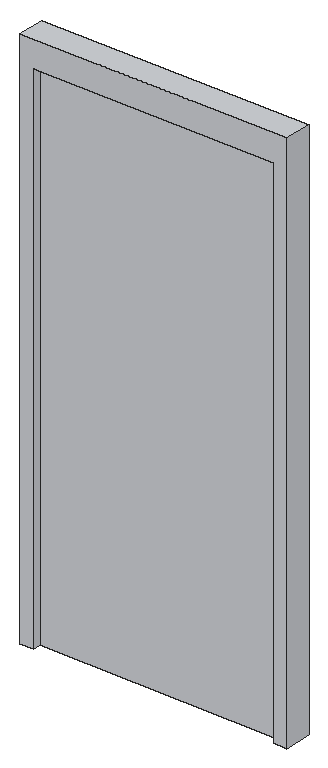
Revit family "Door", category Doors, host Wall, Revit 2025
Family settings
  Host = Wall
  OmniClass Number = 23.30.10.00
  OmniClass Title = Doors
  Always vertical = Yes
  Cut with Voids When Loaded = No
  Shared = No
  Room Calculation Point = No
Parameters (values of type "9")
  Thickness = 0' - 1 3/4"
  S_Door A = 75.00°
  Door Thickness = 0' - 1 3/4"
  S_Door Margin = 0' - 3 3/4"
  S_Door Inner Thickness = 0' - 3"
  S_Door G = 0' - 1.22013"
  Function = Interior
  Freezer = yes
  Frame Width Upper = 0' - 4"
  Frame Thickness = 0' - 4"
  Frame Width = 0' - 2"
  Height = Door Height + Frame Width Upper  # 6' - 10"
  Wall Closure = By host
  Width = Door Width + (2 * Frame Width)  # 3' - 4"
  Frame Head Depth = 0' - 5"
  Frame Depth Vert 1 = 0' - 1"
  Frame Depth Vert 2 = 0' - 0.01"
  Frame Depth Hori 2 = 0' - 5.01"
  Frame Depth Hori 1 = 0' - 3 3/4"
  S_Door Swing Length = 3' - 2"
  Door Width = 3' - 0"
  Door Height = 6' - 6"
  Define Thermal Properties by = Schematic Type
  Analytic Construction = "<None>"
Types (2): name | S_Door A | S_Door Margin | Freezer | Frame Thickness | Height | Width | Frame Head Depth | Frame Depth Vert 2 | Frame Depth Hori 2 | Frame Depth Hori 1 | S_Door Swing Length | Door Width | Door Height
  3A | 81.0937° | 0' - 2" | no | 0' - 6" | 7' - 4" | 4' - 4" | 0' - 3" | 0' - 1" | 0' - 2" | 0' - 2" | 3' - 8" | 4' - 0" | 7' - 0"
  9 | 75.00° | 0' - 3 3/4" | yes | 0' - 4" | 6' - 10" | 3' - 4" | 0' - 5" | 0' - 0.01" | 0' - 5.01" | 0' - 3 3/4" | 3' - 2" | 3' - 0" | 6' - 6"
Reference planes (in)
  plane 1 "Center (Front/Back)": y = 0
  plane 2 "Center (Left/Right)": x = 0
  plane 3 "Left": x = -20
  plane 4 "Right": x = 20
  plane 5 "Top": z = 82
  plane 6 "Exterior": y = 7
  plane 7 "Interior": y = -7
  plane 8: y = 0
  plane 9: y = -2
  plane 10: y = 2
  plane 11: y = 3.22013
Forms (in)
  Extrusion 1, solid, detail levels fine
    sketch origin (0, 0, 0) x (1, 0, 0) y (0, 1, 0)
      loop
        line (-18, 0.875) -> (-18, -0.875) -> (18, -0.875) -> (18, 0.875) -> (-18, 0.875)
    from 0 to 78
  Extrusion 2, solid, detail levels fine
    sketch origin (0, 0, 0) x (1, 0, 0) y (0, 0, 1)
      loop
        line (-20, 0) -> (-18, 0) -> (-18, 78) -> (18, 78) -> (18, 0) -> (20, 0) -> (20, 82) -> (-20, 82) -> (-20, 0)
    from -2 to 2
Lines and regions (in)
  Opening 1
    outline origin (-90, -7, 0) x (1, 0, 0) y (0, 0, 1)
      loop
        line (70, 0) -> (110, 0) -> (110, 82) -> (70, 82) -> (70, 0)
  symbolic lines
    curve 1: line (-16.25, 2, 0) -> (-16.25, 40, 0)
    curve 2: line (-16.25, 40, 0) -> (-14.25, 40, 0)
    curve 3: line (-14.5, 40, 0) -> (-14.5, 2, 0)
    curve 15: line (-20, 2, 0) -> (-16.25, 2, 0)
    curve 16: line (-16.25, 2, 0) -> (-16.25, 1, 0)
    curve 17: line (-16.25, 1, 0) -> (-15, 1, 0)
    curve 18: line (-15, 1, 0) -> (-15, -1.99, 0)
    curve 19: line (-15, -1.99, 0) -> (-14.99, -1.99, 0)
    curve 20: line (-14.99, -1.99, 0) -> (-14.99, -2, 0)
    curve 21: line (-14.99, -2, 0) -> (-20, -2, 0)
    curve 22: line (-16.25, 2, 0) -> (-14.5, 2, 0)
    curve 23: line (20, 2, 0) -> (16.25, 2, 0)
    curve 24: line (16.25, 2, 0) -> (16.25, 1, 0)
    curve 25: line (16.25, 1, 0) -> (15, 1, 0)
    curve 26: line (15, 1, 0) -> (15, -1.99, 0)
    curve 27: line (15, -1.99, 0) -> (14.99, -1.99, 0)
    curve 28: line (14.99, -1.99, 0) -> (14.99, -2, 0)
    curve 29: line (14.99, -2, 0) -> (20, -2, 0)
    curve 30: arc (-14.25, 40, 0) -> (10.11314, 28.31449, 0) -> (16.25, 2, 0) r 31.24013
    curve 31: line (-14.5, 2, 0) -> (16.25, 2, 0)
    curve 32: line (14.99, -2, 0) -> (-14.99, -2, 0)
  symbolic lines, not visible
    curve 4: line (23, 1, 0) -> (23, -1, 0)
    curve 5: line (23, -1, 0) -> (24, -1, 0)
    curve 6: line (24, -1, 0) -> (24, -3, 0)
    curve 7: line (24, -3, 0) -> (26, -3, 0)
    curve 8: line (26, -3, 0) -> (26, 3, 0)
    curve 9: line (26, 3, 0) -> (24, 3, 0)
    curve 10: line (24, 3, 0) -> (24, 1, 0)
    curve 11: line (24, 1, 0) -> (23, 1, 0)
  symbolic lines, visible <- "Freezer"
    curve 12: line (-11.5, 37.97602, 0) -> (-11.5, 4.02398, 0)
    curve 13: line (-11.5, 37.97602, 0) -> (-14.5, 38.77987, 0)
    curve 14: line (-11.5, 4.02398, 0) -> (-14.5, 3.22013, 0)
Text (in)
  text "Exterior" at (-71.22539, 20.51343, 0), in view "Ref. Level"
  text "Interior" at (-71.22539, -15.26908, 0), in view "Ref. Level"
  text "Exterior" at (0, 40.15149, 123.01588), in view "Right"
  text "Interior" at (0, -64.39139, 123.01588), in view "Right"
  text "Interior" at (0, -31.01599, 123.00693), in view "Left"
  text "Exterior" at (0, 54.57065, 123.00693), in view "Left"
Dimensions and locks (in)
  equal spacing: Extrusion 1 sketch curve, host wall, Extrusion 1 sketch curve
  "Thickness": Extrusion 1 sketch curve to Extrusion 1 sketch curve
  equal spacing: plane 3 "Left", plane 2 "Center (Left/Right)", plane 4 "Right"
  "Width": plane 3 "Left" to plane 4 "Right"
  "Frame Width": Extrusion 2 sketch curve to Extrusion 2 sketch curve  (x2)
  "Frame Width Upper": plane 5 "Top" to Extrusion 2 sketch curve
  equal spacing: plane 10, plane 8, plane 9
  "Frame Thickness": plane 9 to plane 10
  "Height": plane 5 "Top" to level
  "S_Door Inner Thickness": curve 3 to curve 12
  "Door Thickness": curve 1 to curve 3
  "S_Door Margin": plane 3 "Left" to curve 1
  "Frame Depth Hori 1": plane 3 "Left" to curve 16
  "Frame Depth Hori 2": plane 3 "Left" to curve 20
  "Frame Depth Vert 1": curve 17 to plane 10
  "Frame Depth Vert 2": curve 19 to plane 9
  "Frame Head Depth": plane 3 "Left" to curve 18
  "Frame Depth Hori 1": curve 24 to plane 4 "Right"
  "Frame Depth Hori 2": curve 28 to plane 4 "Right"
  "Frame Depth Vert 2": curve 27 to plane 9
  "Frame Depth Vert 1": plane 10 to curve 25
  "Frame Head Depth": curve 26 to plane 4 "Right"
  "S_Door Swing Length": plane 10 to curve 2
  "S_Door G": plane 11 to plane 10
  "S_Door G": curve 13 to curve 2
  Extrusion 2 to level = 6' - 6"
  plane 3 "Left" to plane 4 "Right" = 3' - 4"
  Extrusion 2 to Extrusion 2 = 3' - 0"
  "S_Door A": angle curve 3 to curve 13
  "S_Door A": angle curve 14 to curve 3
  aligned and locked: plane 3 "Left" to Opening 1 sketch curve
  aligned and locked: plane 5 "Top" to Opening 1 sketch curve  (x2)
  aligned and locked: Opening 1 sketch curve to plane 4 "Right"
  aligned and locked: Opening 1 sketch curve to level
  aligned and locked: plane 6 "Exterior" to host wall
  aligned and locked: plane 7 "Interior" to host wall
  aligned and locked: plane 3 "Left" to Extrusion 2 sketch curve
  aligned and locked: Extrusion 2 sketch curve to plane 4 "Right"
  aligned and locked: Extrusion 2 sketch curve to plane 5 "Top"
  aligned and locked: Extrusion 2 to plane 10
  aligned and locked: Extrusion 2 to plane 9
  aligned and locked: Extrusion 2 to Extrusion 1 sketch curve  (x2)
  aligned and locked: Extrusion 1 to Extrusion 2
  aligned and locked: plane 3 "Left" to curve 15
  aligned and locked: plane 3 "Left" to curve 21
  aligned and locked: plane 9 to curve 21
  aligned and locked: plane 10 to curve 15
  aligned and locked: plane 10 to curve 22
  aligned and locked: plane 4 "Right" to curve 23
  aligned and locked: plane 4 "Right" to curve 29
  aligned and locked: curve 23 to plane 10
  aligned and locked: plane 10 to curve 31
  aligned and locked: plane 9 to curve 32
  aligned and locked: curve 28 to curve 32
  aligned and locked: curve 20 to curve 32
  aligned and locked: plane 11 to curve 14
Automatic sketch dimensions
  Extrusion 2 sketch curve to level = 0' - 0"  (x2)
  curve 3 to curve 2 = 0' - 0 1/4"
